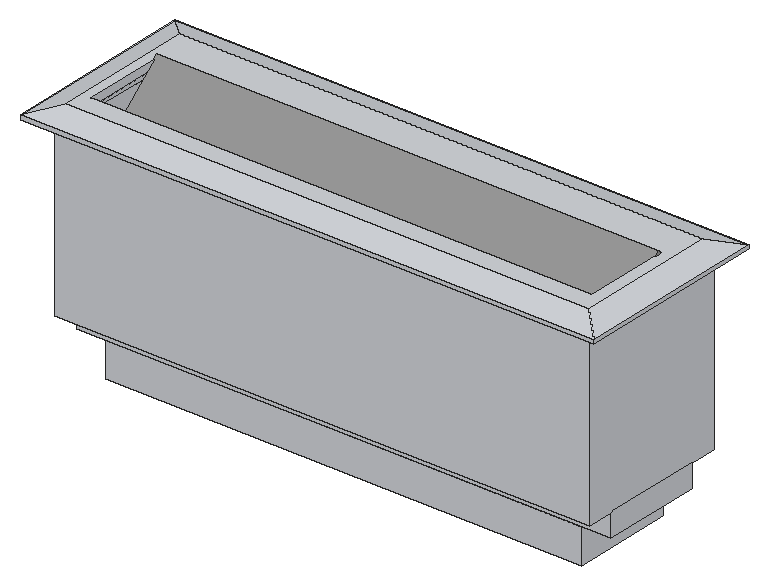
Revit family "2061261 Sylvania Lighting Fixture DOMINO 5xLED 930 OPAL AY TRIM BLACK", category Lighting Fixtures, host Face, Revit 2018
Family settings
  Host = Face
  Round Connector Dimension = Use Diameter
  Part Type = Normal
  OmniClass Number = 23.80.70.00
  OmniClass Title = Lighting
  Cut with Voids When Loaded = No
  Light Source = Yes
  Shared = No
  Room Calculation Point = No
Parameters (values of type "2061261 DOMINO 5XLED 930 OPAL ASYM TR BLK ")
  top top width = 15.812 mm
  top top length = 123 mm
  Width = 50 mm
  Weight = "n/a"
  Wattage Comments = ""
  Wattage = 9.2903 W
  WarrantyStartDate [instance] = "n/a"
  WarrantyGuarantorParts = "n/a"
  WarrantyDurationUnit = "n/a"
  WarrantyDurationParts = ""
  WarrantyDescription = "http://www.sylvania-lighting.com"
  built-in parameter 1150110 = 1 (stored number, unit not read)
  Voltage = 0 V
  URL = "0.6"
  TypeName = "DOMINO 5xLED 930 OPAL AY TRIM BLACK"
  Type Image = <None>
  Type Comments = "n/a"
  built-in parameter 1114217 = 1 (stored number, unit not read)
  Top Width = 26 mm
  Tilt Angle = 90.00°
  built-in parameter 1150109 = 1 (stored number, unit not read)
  built-in parameter 1150134 = 3
  built-in parameter 1150113 = 1 (stored number, unit not read)
  SerialNumber [instance] = "n/a"
  Recessed Width = 43 mm
  Recessed Length = 143 mm
  Photometric Web File = "2061261.ies"
  Material_3_FEILO = none
  PowerFactor = 0
  PowerConsumption = "Lighting"
  NominalLength = 50 mm
  NominalHeight = 0 mm
  NominalDepth = 0 mm
  Name = "DOMINO 5xLED 930 OPAL AY TRIM BLACK"
  ModelReference = Name  # "DOMINO 5xLED 930 OPAL AY TRIM BLACK"
  ModelNumber = "2061261"
  Model = Name  # "DOMINO 5xLED 930 OPAL AY TRIM BLACK"
  Material = "Feilo Sylvania"
  ManufacturerName = "56 lm/W"
  Manufacturer = ""
  LuminousEfficacy = ""
  built-in parameter 1150105 = 109.82 (stored number, unit not read)
  Lumens = 1380 lm
  LuminaireType = "0"
  built-in parameter 1150115 = 1 (stored number, unit not read)
  LightOutputRatio = "LED"
  built-in parameter 1150137 = (empty or 0)
  built-in parameter 1150139 = (empty or 0)
  Lens inside recess = 25 mm
  Lens Width = 32 mm
  Lens Outside recess = 31.978 mm
  Lens = Glass, White, High Luminance
  Length = 148 mm
  LampsType = Lamp  # "n/a"
  LampNominalLuminous = "3000 K"
  LampMacAdamStep = "90"
  LampColourTemperature = "LED"
  LampColourRenderingIndex = "16500"
  built-in parameter 1150112 = 1 (stored number, unit not read)
  built-in parameter 1150114 = 1 (stored number, unit not read)
  Lamp = "n/a"
  Keynote = "n/a"
  InstallationDate [instance] = "n/a"
  InputVoltage = "0"
  InputNominalFrequency = "3000"
  built-in parameter 1150132 = (empty or 0)
  built-in parameter 1150102 = (empty or 0)
  built-in parameter 1150107 = 3200 (stored number, unit not read)
  built-in parameter 1150138 = (empty or 0)
  IngressProtection = "IfcLightFixtureType"
  ImpactProtectionIndex = "IfcLightFixtureType"
  built-in parameter 1150106 = 1.0982 (stored number, unit not read)
  IfcExportType = "IfcLightFixtureType"
  IfcExportAs = "Class II"
  Facia internal width = 37 mm
  Facia internal length = 135 mm
  Facia Height = 2 mm
  ExpectedLife = 50000
  Emit from Circle Diameter = 609.6 mm
  Emit Shape Visible in Rendering = no
  ElectricShockClassification = "56"
  built-in parameter 1150104 = 13.8 (stored number, unit not read)
  DurationUnit = "hours"
  DocumentationLiterature = "http://www.sylvania-lighting.com/product/en-int/products/2061261"
  DimmingControlOptions = "n/a"
  Material_2_FEILO = none
  Dimming Lamp Color Temperature Shift = <None>
  Description = "Modular LED recessed linear spotlight, ideal for retail and hospitality applications. Die-cast aluminium body, passive cooling. Two levels of reflector installation, low glaring. 5x LED source, asymmetric beam angle , optics: PMMA lens and polycarbonate reflector combination, opaline diffuser. Light color temperature: 3000K warm white, total system power: 13W , total fixture lumen output: 720lm, efficacy: 56 lm/W, Ra90 typical, LED chromacity: 3 step MacAdam ellipse (SDCM3), lifespan: 96,000 hours at 90% of the original output (L90B10), IR/UV free light source without heat radiation, operating voltage: 220-240V / 50-60Hz, electronic driver, ultra low flicker, non-dimmable , electrical protection: Class II. Degree of Protection: IP40/IP20, suitable for indoor environment only. Ceiling cut-out: 43x43mm, outer dimensions:  150x50mm trim frame RAL 9005 - Jet black color.5 years Warranty."
  Default Elevation = 1219.2 mm
  CreatedOn = "23/02/2021"
  CreatedBy = "@sylvania-lighting.com"
  Cost = 0
  Color Filter = 16777215
  built-in parameter 1114216 [instance] = (empty or 0)
  ClassificationValue = "EF_70_80"
  ClassificationName = "Uniclass2015"
  Material_1_FEILO = none
  Body Width = 40 mm
  Body Length = 138 mm
  BarCode [instance] = "n/a"
  built-in parameter 1114218 = 1 (stored number, unit not read)
  built-in parameter 1150133 = 10 (stored number, unit not read)
  AssetType = "Fixed"
  AssetIdentifier [instance] = "n/a"
  Assembly Code = "D5020200"
  Apparent Load = 13 VA
  Material_4_FEILO = none
Reference planes
  plane 1 "Center (Front/Back)": y = 0
  plane 2: z = 0
  plane 3 "Center (Left/Right)": x = 0
  plane 4: z = 0
  plane 5: z = -7
  plane 6: z = -45.895
  plane 7: z = -51.895
  plane 8: z = -60.895
  plane 9: x = -71.5
  plane 10: x = 71.5
  plane 11: y = 21.5
  plane 12: y = -21.5
  plane 13: x = -74
  plane 14: x = 74
  plane 15: y = 25
  plane 16: y = -25
  plane 17: x = 67.5
  plane 18: x = -67.5
  plane 19: y = 18.5
  plane 20: y = -18.5
  plane 21: z = 2
  plane 22: x = -69
  plane 23: x = 69
  plane 24: y = 20
  plane 25: y = -20
  plane 26: y = 13
  plane 27: y = -13
  plane 28: x = 61.5
  plane 29: x = -61.5
  plane 30: x = -65.5
  plane 31: y = 16.5
  plane 32: y = -16.472
  plane 33: x = -40.5
  plane 34: x = -41
  plane 35: x = -65
  plane 36: y = 13
  plane 37: y = -12.972
  plane 38: x = -39.5
  plane 39: x = -14.48
  plane 40: x = -13.48
  plane 41: x = 11.52
  plane 42: x = 12.52
  plane 43: x = 37.52
  plane 44: x = 38.52
  plane 45: x = 64.5
  plane 46: y = 8.5
  plane 47: y = -13.5
  plane 48: y = -4.5
Forms (mm)
  Extrusion 1, solid, not visible, detail levels medium+fine
    sketch origin (4.2, 0, 0) x (1, 0, 0) y (0, 1, 0)
      loop
        line (-29.2, 34.5) -> (-29.2, -34.5) -> (20.8, -34.5) -> (20.8, 34.5) -> (-29.2, 34.5)
    from 0 to 1
  Extrusion 2, solid, not visible, detail levels medium+fine
    sketch origin (4.044, 0, 0) x (1, 0, 0) y (0, 1, 0)
      loop
        line (-29.2, 34.5) -> (-29.2, -34.5) -> (20.8, -34.5) -> (20.8, 34.5) -> (-29.2, 34.5)
    from 0 to 1
  Blend 3, solid, not visible, detail levels medium+fine
    base sketch origin (4.2, 0, 0) x (1, 0, 0) y (0, 1, 0)
      loop
        line (-29.2, 34.5) -> (-29.2, -34.5) -> (20.8, -34.5) -> (20.8, 34.5) -> (-29.2, 34.5)
    top sketch origin (4.2, 0, 0) x (1, 0, 0) y (0, 1, 0)
      loop
        line (-21.7, 28) -> (-21.7, -28) -> (13.3, -28) -> (13.3, 28) -> (-21.7, 28)
    from 1 to 3
  Extrusion 4, solid, not visible, detail levels medium+fine
    sketch origin (3.419, 0, 0) x (1, 0, 0) y (0, 1, 0)
      loop
        line (-29.2, 34.5) -> (-29.2, -34.5) -> (20.8, -34.5) -> (20.8, 34.5) -> (-29.2, 34.5)
    from 0 to 1
  Blend 5, solid, not visible, detail levels medium+fine
    base sketch origin (3.575, 0, 0) x (1, 0, 0) y (0, 1, 0)
      loop
        line (-29.2, 34.5) -> (-29.2, -34.5) -> (20.8, -34.5) -> (20.8, 34.5) -> (-29.2, 34.5)
    top sketch origin (3.575, 0, 0) x (1, 0, 0) y (0, 1, 0)
      loop
        line (-21.7, 28) -> (-21.7, -28) -> (13.3, -28) -> (13.3, 28) -> (-21.7, 28)
    from 1 to 3
  Extrusion 6, solid, not visible, detail levels medium+fine
    sketch origin (4.247, 0, 0) x (1, 0, 0) y (0, 1, 0)
      loop
        line (-29.2, 34.5) -> (-29.2, -34.5) -> (20.8, -34.5) -> (20.8, 34.5) -> (-29.2, 34.5)
    from 0 to 1
  Blend 7, solid, not visible, detail levels medium+fine
    base sketch origin (4.403, 0, 0) x (1, 0, 0) y (0, 1, 0)
      loop
        line (-29.2, 34.5) -> (-29.2, -34.5) -> (20.8, -34.5) -> (20.8, 34.5) -> (-29.2, 34.5)
    top sketch origin (4.403, 0, 0) x (1, 0, 0) y (0, 1, 0)
      loop
        line (-21.7, 28) -> (-21.7, -28) -> (13.3, -28) -> (13.3, 28) -> (-21.7, 28)
    from 1 to 3
  Extrusion 8, void, detail levels medium+fine
    sketch origin (4.2, 0, 0) x (0, 1, 0) y (1, 0, 0)
      loop
        line (21.5, -75.7) -> (21.5, 67.3) -> (-21.5, 67.3) -> (-21.5, -75.7) -> (21.5, -75.7)
    from -9.934 to 83.097
  Extrusion 9, solid, detail levels medium+fine
    sketch origin (4.2, 0, 0) x (1, 0, 0) y (0, 1, 0)
      loop
        line (-78.2, 25) -> (-78.2, -25) -> (69.8, -25) -> (69.8, 25) -> (-78.2, 25)
    from 0 to 1
  Extrusion 10, solid, detail levels medium+fine
    sketch origin (4.2, 0, 0) x (1, 0, 0) y (0, 1, 0)
      loop
        line (-73.2, 20) -> (-73.2, -20) -> (64.8, -20) -> (64.8, 20) -> (-73.2, 20)
    from 0 to -45.895
  Extrusion 11, solid, detail levels medium+fine
    sketch origin (4.2, 0, 0) x (1, 0, 0) y (0, 1, 0)
      loop
        line (-73.2, 13) -> (-73.2, -13) -> (64.8, -13) -> (64.8, 13) -> (-73.2, 13)
    from -51.895 to -45.895
  Blend 12, solid, detail levels medium+fine
    base sketch origin (4.2, 0, 0) x (1, 0, 0) y (0, 1, 0)
      loop
        line (-78.2, 25) -> (-78.2, -25) -> (69.8, -25) -> (69.8, 25) -> (-78.2, 25)
    top sketch origin (4.2, 0, 0) x (1, 0, 0) y (0, 1, 0)
      loop
        line (-71.7, 18.5) -> (-71.7, -18.5) -> (63.3, -18.5) -> (63.3, 18.5) -> (-71.7, 18.5)
    from 1 to 3
  Extrusion 13, solid, detail levels fine
    sketch origin (0, 0, 0) x (1, 0, 0) y (0, 0, 1)
      loop
        line (-61.5, -51.895) -> (-61.5, -60.895) -> (61.5, -60.895) -> (61.5, -51.895) -> (-61.5, -51.895)
    from -13 to 13
  Blend 14, void
    base sketch origin (109.202, 0, 0) x (0, 1, 0) y (-1, 0, 0)
      loop
        line (8.5, 174.202) -> (-13.5, 174.202) -> (-13.5, 44.7) -> (8.5, 44.7) -> (8.5, 174.202)
    top sketch origin (109.202, 0, 0) x (0, 1, 0) y (-1, 0, 0)
      loop
        line (-3.687, 174.202) -> (-4.5, 174.202) -> (-4.5, 44.7) -> (-3.687, 44.7) -> (-3.687, 174.202)
    from 3 to -7
  Extrusion 15, solid, detail levels coarse
    sketch origin (4.2, 0, 0) x (1, 0, 0) y (0, 1, 0)
      loop
        line (-78.2, 25) -> (-78.2, -25) -> (69.8, -25) -> (69.8, 25) -> (-78.2, 25)
    from 3 to -60.895
  Extrusion 16, solid, material "Glass, White, High Luminance", detail levels fine
    sketch origin (319, 1524, 1219.2) x (0, 1, 0) y (0, 0, 1)
      loop
        line (-1527.686, -1226.198) -> (-1515.5, -1216.2) -> (-1516.144, -1215.415) -> (-1528.33, -1225.413) -> (-1527.686, -1226.198)
    from -384 to -254.498
Cuts and joins
  Blend 14 cuts Extrusion 9
  Blend 14 cuts Extrusion 10
  Blend 14 cuts Blend 12
Dimensions and locks
  "Recessed Length": plane 9 to plane 10
  equal spacing: plane 9, plane 3 "Center (Left/Right)", plane 10
  "Length": plane 13 to plane 14
  equal spacing: plane 13, plane 3 "Center (Left/Right)", plane 14
  "Recessed Width": plane 11 to plane 12
  equal spacing: plane 11, plane 1 "Center (Front/Back)", plane 12
  "Width": plane 15 to plane 16
  equal spacing: plane 15, plane 1 "Center (Front/Back)", plane 16
  "Facia internal length": plane 18 to plane 17
  equal spacing: plane 18, plane 3 "Center (Left/Right)", plane 17
  "Facia internal width": plane 19 to plane 20
  equal spacing: plane 19, plane 1 "Center (Front/Back)", plane 20
  "Facia Height": plane 21 to host face
  "Body Length": plane 22 to plane 23
  equal spacing: plane 22, plane 3 "Center (Left/Right)", plane 23
  "Body Width": plane 24 to plane 25
  equal spacing: plane 24, plane 1 "Center (Front/Back)", plane 25
  "Top Width": plane 26 to plane 27
  equal spacing: plane 26, plane 1 "Center (Front/Back)", plane 27
  "top top length": plane 29 to plane 28
  equal spacing: plane 29, plane 3 "Center (Left/Right)", plane 28  (x2)
  plane 28 to plane 29 = 123 mm
  equal spacing: plane 28, plane 3 "Center (Left/Right)", plane 29
  aligned and locked: plane 2 to host face
  aligned and locked: level to host face
  aligned and locked: Extrusion 11 to plane 7
  aligned and locked: Extrusion 10 to plane 6
Automatic sketch dimensions
  Extrusion 1 sketch curve to Extrusion 1 sketch curve = 50 mm
  Extrusion 1 sketch curve to Extrusion 1 sketch curve = 69 mm
  Extrusion 2 sketch curve to Extrusion 2 sketch curve = 50 mm
  Extrusion 2 sketch curve to Extrusion 2 sketch curve = 69 mm
  Blend 3 sketch curve to Blend 3 sketch curve = 50 mm
  Blend 3 sketch curve to Blend 3 sketch curve = 69 mm
  Blend 3 sketch curve to Blend 3 sketch curve = 35 mm
  Blend 3 sketch curve to Blend 3 sketch curve = 56 mm
  Extrusion 4 sketch curve to Extrusion 4 sketch curve = 50 mm
  Extrusion 4 sketch curve to Extrusion 4 sketch curve = 69 mm
  Blend 5 sketch curve to Blend 5 sketch curve = 50 mm
  Blend 5 sketch curve to Blend 5 sketch curve = 69 mm
  Blend 5 sketch curve to Blend 5 sketch curve = 35 mm
  Blend 5 sketch curve to Blend 5 sketch curve = 56 mm
  Extrusion 6 sketch curve to Extrusion 6 sketch curve = 50 mm
  Extrusion 6 sketch curve to Extrusion 6 sketch curve = 69 mm
  Blend 7 sketch curve to Blend 7 sketch curve = 50 mm
  Blend 7 sketch curve to Blend 7 sketch curve = 69 mm
  Blend 7 sketch curve to Blend 7 sketch curve = 35 mm
  Blend 7 sketch curve to Blend 7 sketch curve = 56 mm
  host sketch curve to host sketch curve = 2438.4 mm  (x2)
  Extrusion 8 sketch curve to plane 9 = 0 mm
  Extrusion 8 sketch curve to plane 12 = 0 mm
  Extrusion 8 sketch curve to plane 11 = 0 mm
  Extrusion 8 sketch curve to plane 10 = 0 mm
  Extrusion 9 sketch curve to plane 13 = 0 mm
  Extrusion 9 sketch curve to plane 14 = 0 mm
  Extrusion 9 sketch curve to plane 16 = 0 mm
  Extrusion 9 sketch curve to plane 15 = 0 mm
  Extrusion 10 sketch curve to plane 22 = 0 mm
  Extrusion 10 sketch curve to plane 23 = 0 mm
  Extrusion 10 sketch curve to plane 25 = 0 mm
  Extrusion 10 sketch curve to plane 24 = 0 mm
  Extrusion 11 sketch curve to plane 22 = 0 mm
  Extrusion 11 sketch curve to plane 23 = 0 mm
  Extrusion 11 sketch curve to plane 27 = 0 mm
  Extrusion 11 sketch curve to plane 26 = 0 mm
  Blend 12 sketch curve to plane 13 = 0 mm
  Blend 12 sketch curve to plane 14 = 0 mm
  Blend 12 sketch curve to plane 16 = 0 mm
  Blend 12 sketch curve to plane 15 = 0 mm
  Blend 12 sketch curve to plane 18 = 0 mm
  Blend 12 sketch curve to plane 17 = 0 mm
  Blend 12 sketch curve to plane 20 = 0 mm
  Blend 12 sketch curve to plane 19 = 0 mm
  Extrusion 13 sketch curve to plane 8 = 0 mm
  Extrusion 13 sketch curve to plane 29 = 0 mm
  Extrusion 13 sketch curve to plane 28 = 0 mm
  Extrusion 13 sketch curve to plane 7 = 0 mm
  Extrusion 15 sketch curve to plane 13 = 0 mm
  Extrusion 15 sketch curve to plane 14 = 0 mm
  Extrusion 15 sketch curve to plane 16 = 0 mm
  Extrusion 15 sketch curve to plane 15 = 0 mm
  Blend 14 sketch curve to plane 35 = 0 mm  (x2)
  Blend 14 sketch curve to plane 47 = 0 mm
  Blend 14 sketch curve to plane 46 = 0 mm
  plane 45 to Blend 14 sketch curve = 0.002 mm  (x2)
  Blend 14 sketch curve to plane 48 = 0 mm
  plane 48 to Blend 14 sketch curve = 0.813 mm
  plane 5 to Extrusion 16 sketch curve = 0.002 mm
  Extrusion 16 sketch curve to plane 46 = 0 mm
  Extrusion 16 sketch curve to plane 46 = 0.644 mm
  Extrusion 16 sketch curve to Extrusion 16 sketch curve = 0.785 mm
  plane 48 to Extrusion 16 sketch curve = 0.17 mm
Connectors
  electrical at (0, 0, -60.895)
    settings: on Extrusion 13, index 1, voltage 0 V, apparent load 0 VA, apparent load phase1 0 VA, apparent load phase2 0 VA, apparent load phase3 0 VA, power factor 1, load classification "Other", number of poles 1, system type 31, power factor state 1, is connector primary yes, connector utility no, sub classification motor no, connector description ""
